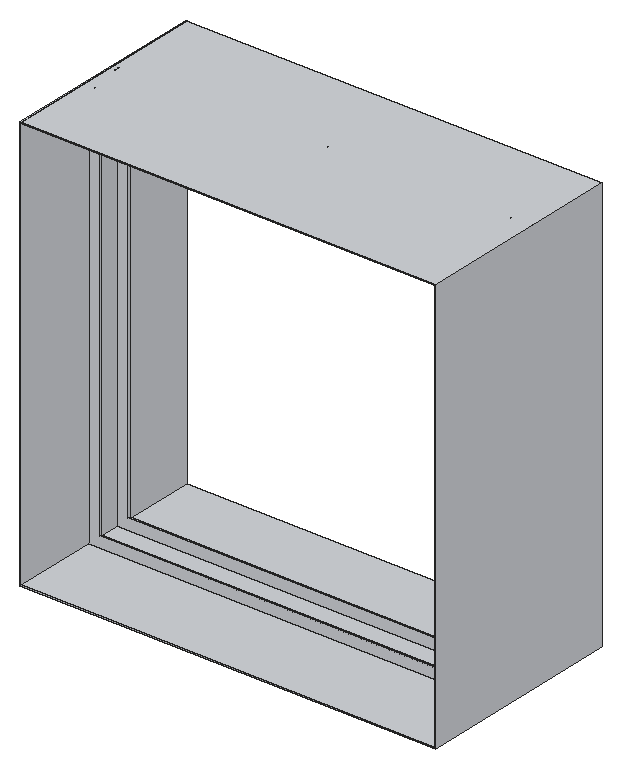
Revit family "FD-SALB", category Mechanical Equipment, Revit 2015
Parameters
  URL = "http://unitedenertech.com/catalog/pdf/A-1.pdf%20%20page%201.pdf"
  Type Comments = "Max Sizes are (1-1/2 Hour Vertical 96\"w x 96\"h) (1-1/2 Hour Horizontal 80\"w x 40\"h) (3 Hour Vertical 80\"w x 40\"h) (3 Hour Horizontal 80\"w x 40\"h)"
  Model = "FD-SALB"
  Manufacturer = "United Enertech Corporation"
  Keynote = "Vertical Mounting Shown, Horizontally Mounted Dampers will also have springs as seen in the FDD-SALB."
  Exact Width = 2' - 0"
  Exact Height = 2' - 0"
  EFL Height [instance] = Blade Pair Number * 0' 0 13/32" + 0' 0 41/64"  # 0' - 3 5/64"
  Description = "Curtain Fire Damper (For Static Systems)"
  Depth = 1' - 0"
  Blade Width [instance] = Exact Width - 0' 0 1/8"  # 1' - 11 7/8"
  Blade Pair Number [instance] = (Exact Height - 0' 0 9/128") / 0' 3 7/8"  # 6
Reference planes (in)
  plane 1 "Center (Front/Back)": y = 0
  plane 2: z = 0
  plane 3 "Center (Left/Right)": x = 0
  plane 4: x = -12
  plane 5: x = 12
  plane 6: z = 24
  plane 7: y = 12
  plane 8: y = 7.09375
  plane 9: y = 4.90625
  plane 10: z = 23.9641
  plane 11: z = 0.0359
  plane 12: x = 11.9641
  plane 13: x = -11.9641
  plane 14: z = 0.6609
  plane 15: z = 23.3391
  plane 16: x = -11.3391
  plane 17: x = 11.3391
  plane 18: y = 5.03125
  plane 19: y = 6.96875
  plane 20: x = -0.25
  plane 21: x = 0.25
  plane 22: z = 20.88598
  plane 23: z = 20.97799
Forms (in)
  Extrusion 1, solid
    sketch origin (0, 0, 0) x (1, 0, 0) y (0, 0, 1)
      loop
        line (-12, 24) -> (-12, 0) -> (12, 0) -> (12, 24) -> (-12, 24)
      loop
        line (-11.9641, 23.9641) -> (-11.9641, 0.0359) -> (11.9641, 0.0359) -> (11.9641, 23.9641) -> (-11.9641, 23.9641)
    from -12 to 0
  Extrusion 2, solid
    sketch origin (0, 0, 0) x (1, 0, 0) y (0, 0, 1)
      loop
        line (-11.9641, 23.9641) -> (-11.9641, 0.0359) -> (11.9641, 0.0359) -> (11.9641, 23.9641) -> (-11.9641, 23.9641)
      loop
        line (-11.3391, 23.3391) -> (-11.3391, 0.6609) -> (11.3391, 0.6609) -> (11.3391, 23.3391) -> (-11.3391, 23.3391)
    from -5.03125 to -4.90625
  Extrusion 3, solid
    sketch origin (0, 0, 0) x (1, 0, 0) y (0, 0, 1)
      loop
        line (-11.9641, 23.9641) -> (-11.9641, 0.0359) -> (11.9641, 0.0359) -> (11.9641, 23.9641) -> (-11.9641, 23.9641)
      loop
        line (-11.3391, 23.3391) -> (-11.3391, 0.6609) -> (11.3391, 0.6609) -> (11.3391, 23.3391) -> (-11.3391, 23.3391)
    from -7.09375 to -6.96875
  Extrusion 4, solid
    sketch origin (0, 0, 0) x (0, 1, 0) y (0, 0, 1)
      loop
        line (6.93285, 23.9641) -> (6.89695, 23.9641) -> (6.89695, 20.94848)
        arc (6.89695, 20.94848) -> (6.91526, 20.90428) -> (6.95945, 20.88598) r 0.0625
        line (6.95945, 20.88598) -> (7.28755, 20.88598)
        arc (7.28755, 20.88598) -> (7.33174, 20.90428) -> (7.35005, 20.94848) r 0.0625
        line (7.35005, 20.94848) -> (7.35005, 21.47178) -> (7.31415, 21.47178) -> (7.31415, 20.95313)
        arc (7.31415, 20.95313) -> (7.305, 20.93103) -> (7.2829, 20.92188) r 0.03125
        line (7.2829, 20.92188) -> (6.9641, 20.92188)
        arc (6.9641, 20.92188) -> (6.942, 20.93103) -> (6.93285, 20.95313) r 0.03125
        line (6.93285, 20.95313) -> (6.93285, 23.9641)
    from -0.25 to 0.25
  Extrusion 5, solid
    sketch origin (0, 12, 0) x (0, -1, 0) y (0, 0, -1)
      loop
        line (6.93285, -23.9641) -> (6.93285, -20.95313)
        arc (6.93285, -20.95313) -> (6.942, -20.93103) -> (6.9641, -20.92188) r 0.03125
        line (6.9641, -20.92188) -> (7.2829, -20.92188)
        arc (7.2829, -20.92188) -> (7.305, -20.93103) -> (7.31415, -20.95313) r 0.03125
        line (7.31415, -20.95313) -> (7.31415, -21.47178) -> (7.35005, -21.47178) -> (7.35005, -20.94848)
        arc (7.35005, -20.94848) -> (7.33174, -20.90428) -> (7.28755, -20.88598) r 0.0625
        line (7.28755, -20.88598) -> (6.95945, -20.88598)
        arc (6.95945, -20.88598) -> (6.91526, -20.90428) -> (6.89695, -20.94848) r 0.0625
        line (6.89695, -20.94848) -> (6.89695, -23.9641) -> (6.93285, -23.9641)
    from -0.25 to 0.25
Dimensions and locks (in)
  equal spacing: plane 4, plane 3 "Center (Left/Right)", plane 5
  "Exact Width": plane 4 to plane 5
  "Exact Height": plane 6 to level
  "Depth": plane 1 "Center (Front/Back)" to plane 7
  locked: plane 9 to plane 1 "Center (Front/Back)" at 4.90625
  locked: plane 7 to plane 8 at 4.90625
  locked: plane 6 to plane 10 at 0.0359
  locked: plane 11 to level at 0.0359
  locked: plane 5 to plane 12 at 0.0359
  locked: plane 4 to plane 13 at 0.0359
  locked: plane 14 to plane 11 at 0.625
  locked: plane 10 to plane 15 at 0.625
  locked: plane 16 to plane 13 at 0.625
  locked: plane 17 to plane 12 at 0.625
  locked: plane 18 to plane 9 at 0.125
  locked: plane 8 to plane 19 at 0.125
  locked: plane 20 to plane 3 "Center (Left/Right)" at 0.25
  locked: plane 21 to plane 3 "Center (Left/Right)" at 0.25
  "EFL Height": plane 10 to plane 22
  locked: plane 23 to plane 22 at 0.09202
  equal spacing: group 1, group 2, group 3, group 4, group 5, group 6  (x2)
  equal spacing: group 6, group 5, group 4, group 3, group 2, group 1
  locked: nested 2 to nested 3 at 0.39132
  aligned and locked: level to plane 2
  aligned and locked: Extrusion 1 sketch curve to plane 6
  aligned and locked: Extrusion 1 sketch curve to plane 4
  aligned and locked: level to Extrusion 1 sketch curve
  aligned and locked: Extrusion 1 sketch curve to plane 5
  aligned and locked: plane 11 to Extrusion 1 sketch curve
  aligned and locked: Extrusion 1 sketch curve to plane 12
  aligned and locked: Extrusion 1 sketch curve to plane 13
  aligned and locked: Extrusion 1 sketch curve to plane 10
  aligned and locked: plane 7 to Extrusion 1
  aligned and locked: plane 1 "Center (Front/Back)" to Extrusion 1
  aligned and locked: Extrusion 2 sketch curve to plane 10
  aligned and locked: Extrusion 2 sketch curve to plane 12
  aligned and locked: Extrusion 2 sketch curve to plane 13
  aligned and locked: plane 11 to Extrusion 2 sketch curve
  aligned and locked: plane 14 to Extrusion 2 sketch curve
  aligned and locked: plane 17 to Extrusion 2 sketch curve
  aligned and locked: plane 16 to Extrusion 2 sketch curve
  aligned and locked: Extrusion 2 sketch curve to plane 15
  aligned and locked: plane 18 to Extrusion 2
  aligned and locked: Extrusion 2 to plane 9
  aligned and locked: plane 8 to Extrusion 3
  aligned and locked: Extrusion 3 to plane 19
  aligned and locked: Extrusion 4 sketch curve to plane 10
  aligned and locked: plane 22 to Extrusion 4 sketch curve
  aligned and locked: plane 20 to Extrusion 5
  aligned and locked: plane 20 to Extrusion 4
  aligned and locked: plane 21 to Extrusion 4
  aligned and locked: plane 21 to Extrusion 5
  aligned and locked: nested 1 to plane 23
  aligned and locked: plane 3 "Center (Left/Right)" to nested 2
  aligned and locked: plane 10 to nested 2
Automatic sketch dimensions
  Extrusion 3 sketch curve to plane 11 = 0' - 0"
  plane 13 to Extrusion 3 sketch curve = 0' - 0"
  Extrusion 3 sketch curve to plane 15 = 0' - 0"
  Extrusion 3 sketch curve to plane 16 = 0' - 0"
  plane 17 to Extrusion 3 sketch curve = 0' - 0"
  Extrusion 3 sketch curve to plane 10 = 0' - 0"
  Extrusion 3 sketch curve to plane 12 = 0' - 0"
  Extrusion 3 sketch curve to plane 14 = 0' - 0"
  Extrusion 4 sketch curve to plane 19 = 0' - 0.0718"
  Extrusion 4 sketch curve to plane 19 = 0' - 0.0359"
  Extrusion 4 sketch curve to plane 19 = 0' - 0.0093"
  Extrusion 4 sketch curve to plane 19 = 0' - 0.00465"
  plane 22 to Extrusion 4 sketch curve = 0' - 0.0359"
  plane 8 to Extrusion 4 sketch curve = 0' - 0.18915"
  Extrusion 4 sketch curve to Extrusion 4 sketch curve = 0' - 0.00465"
  plane 8 to Extrusion 4 sketch curve = 0' - 0.2204"
  Extrusion 4 sketch curve to Extrusion 4 sketch curve = 0' - 0.0359"
  Extrusion 4 sketch curve to Extrusion 4 sketch curve = 0' - 0.51865"
  Extrusion 5 sketch curve to plane 10 = 0' - 0"
  Extrusion 5 sketch curve to plane 22 = 0' - 0"
  Extrusion 5 sketch curve to plane 18 = 0' - 0.0718"
  Extrusion 5 sketch curve to plane 18 = 0' - 0.0359"
  Extrusion 5 sketch curve to plane 18 = 0' - 0.0093"
  Extrusion 5 sketch curve to plane 18 = 0' - 0.00465"
  Extrusion 5 sketch curve to plane 22 = 0' - 0.0359"
  plane 9 to Extrusion 5 sketch curve = 0' - 0.18915"
  Extrusion 5 sketch curve to Extrusion 5 sketch curve = 0' - 0.00465"
  plane 9 to Extrusion 5 sketch curve = 0' - 0.2204"
  Extrusion 5 sketch curve to Extrusion 5 sketch curve = 0' - 0.0359"
  Extrusion 5 sketch curve to Extrusion 5 sketch curve = 0' - 0.51865"
Nested families (in)
  nested 1: "EFL" at (4.62017, 9.54074, 20.97799), type "EFL"
  nested 2: "FD-SALB BLADESEDITED" at (0, 7.17008, 23.12138), type "FD-SALB BLADESEDITED"
    with Blade Width 1' - 11 7/8"
  nested 3: "FD-SALB BLADESEDITED" at (0, 7.17008, 22.73005), type "FD-SALB BLADESEDITED"
    with Blade Width 1' - 11 7/8"
  nested 4: "FD-SALB BLADESEDITED" at (0, 7.17008, 22.33873), type "FD-SALB BLADESEDITED"
    with Blade Width 1' - 11 7/8"
  nested 5: "FD-SALB BLADESEDITED" at (0, 7.17008, 21.94741), type "FD-SALB BLADESEDITED"
    with Blade Width 1' - 11 7/8"
  nested 6: "FD-SALB BLADESEDITED" at (0, 7.17008, 21.55609), type "FD-SALB BLADESEDITED"
    with Blade Width 1' - 11 7/8"
  nested 7: "FD-SALB BLADESEDITED" at (0, 7.17008, 21.16477), type "FD-SALB BLADESEDITED"
    with Blade Width 1' - 11 7/8"
Definition of nested family "EFL"
  Reference planes (in)
    plane 1 "Center (Front/Back)": y = 0
    plane 2: z = 0
    plane 3 "Center (Left/Right)": x = 0
  Forms (in)
    Extrusion 1, solid
      sketch origin (0, 0, 0) x (1, 0, 0) y (0, 1, 0)
        loop
          arc (-4.87017, -4.05324) -> (-4.81525, -4.18582) -> (-4.68267, -4.24074) r 0.1875
          line (-4.68267, -4.24074) -> (-4.55767, -4.24074)
          arc (-4.55767, -4.24074) -> (-4.42508, -4.18582) -> (-4.37017, -4.05324) r 0.1875
          line (-4.37017, -4.05324) -> (-4.37017, -3.41574) -> (-4.87017, -3.41574) -> (-4.87017, -4.05324)
        loop
          circle (-4.62017, -4.05324) r 0.0625
      from 0.1 to 0.05
    Extrusion 2, solid
      sketch origin (-9.24033, -7.08147, 0) x (-1, 0, 0) y (0, -1, 0)
        loop
          arc (-4.87017, -4.05324) -> (-4.81525, -4.18582) -> (-4.68267, -4.24074) r 0.1875
          line (-4.68267, -4.24074) -> (-4.55767, -4.24074)
          arc (-4.55767, -4.24074) -> (-4.42508, -4.18582) -> (-4.37017, -4.05324) r 0.1875
          line (-4.37017, -4.05324) -> (-4.37017, -3.41574) -> (-4.87017, -3.41574) -> (-4.87017, -4.05324)
        loop
          circle (-4.62017, -4.05324) r 0.0625
      from 0 to 0.05
    Sweep 3, solid
      path in 3D
        loop
          line (-4.62017, -4.16421, 0) -> (-4.62017, -4.22608, 0)
          arc (-4.62017, -4.22608, 0) -> (-4.65678, -4.31447, 0) -> (-4.74517, -4.35108, 0) r 0.125
          line (-4.74517, -4.35108, 0) -> (-4.92568, -4.35108, 0)
          arc (-4.92568, -4.35108, 0) -> (-5.02859, -4.454, 0) -> (-4.92568, -4.55691, 0) r 0.10291
          line (-4.92568, -4.55691, 0) -> (-4.62017, -4.55691, 0) -> (-4.31465, -4.55691, 0)
          arc (-4.31465, -4.55691, 0) -> (-4.21174, -4.454, 0) -> (-4.31465, -4.35108, 0) r 0.10291
          line (-4.31465, -4.35108, 0) -> (-4.58427, -4.35108, 0)
      profile origin (-4.62017, -4.19515, 0) x (1, 0, 0) y (0, 0, 1)
        loop
          circle (0, 0) r 0.03202
    Sweep 4, solid
      path in 3D
        loop
          line (-4.62017, -4.283, 0.1526) -> (-4.62017, -4.12297, 0.1526)
          arc (-4.62017, -4.12297, 0.1526) -> (-4.62017, -4.04635, 0.07598) -> (-4.62017, -4.12297, -0.00063) r 0.07662
          line (-4.62017, -4.12297, -0.00063) -> (-4.62017, -4.16421, -0.00063)
      profile origin (-4.62017, -4.14359, -0.00063) x (0, 0, -1) y (1, 0, 0)
        loop
          circle (0, 0) r 0.03138
    Sweep 5, solid
      path in 3D
        loop
          line (-4.62017, -2.91726, 0) -> (-4.62017, -2.85539, 0)
          arc (-4.62017, -2.85539, 0) -> (-4.65678, -2.767, 0) -> (-4.74517, -2.73039, 0) r 0.125
          line (-4.74517, -2.73039, 0) -> (-4.92568, -2.73039, 0)
          arc (-4.92568, -2.73039, 0) -> (-5.02859, -2.62747, 0) -> (-4.92568, -2.52456, 0) r 0.10291
          line (-4.92568, -2.52456, 0) -> (-4.62017, -2.52456, 0) -> (-4.31465, -2.52456, 0)
          arc (-4.31465, -2.52456, 0) -> (-4.21174, -2.62747, 0) -> (-4.31465, -2.73039, 0) r 0.10291
          line (-4.31465, -2.73039, 0) -> (-4.58427, -2.73039, 0)
      profile origin (-4.62017, -2.88633, 0) x (-1, 0, 0) y (0, 0, 1)
        loop
          circle (0, 0) r 0.03202
    Sweep 6, solid
      path in 3D
        loop
          line (-4.62017, -2.79848, 0.1526) -> (-4.62017, -2.95851, 0.1526)
          arc (-4.62017, -2.95851, 0.1526) -> (-4.62017, -3.03512, 0.07598) -> (-4.62017, -2.95851, -0.00063) r 0.07662
          line (-4.62017, -2.95851, -0.00063) -> (-4.62017, -2.91726, -0.00063)
      profile origin (-4.62017, -2.93788, -0.00063) x (0, 0, 1) y (1, 0, 0)
        loop
          circle (0, 0) r 0.03138
  Lines and regions (in)
    sketch lines
      curve 1: line (-4.62017, -4.16421, 0) -> (-4.62017, -4.22608, 0)
      curve 2: arc (-4.74517, -4.35108, 0) -> (-4.65678, -4.31447, 0) -> (-4.62017, -4.22608, 0) r 0.125
      curve 3: line (-4.74517, -4.35108, 0) -> (-4.92568, -4.35108, 0)
      curve 4: arc (-4.92568, -4.35108, 0) -> (-5.02859, -4.454, 0) -> (-4.92568, -4.55691, 0) r 0.10291
      curve 5: line (-4.62017, -4.55691, 0) -> (-4.92568, -4.55691, 0)
      curve 6: line (-4.62017, -4.55691, 0) -> (-4.31465, -4.55691, 0)
      curve 7: arc (-4.31465, -4.55691, 0) -> (-4.21174, -4.454, 0) -> (-4.31465, -4.35108, 0) r 0.10291
      curve 8: line (-4.58427, -4.35108, 0) -> (-4.31465, -4.35108, 0)
      curve 9: line (-4.62017, -4.12297, -0.00063) -> (-4.62017, -4.16421, -0.00063)
      curve 10: arc (-4.62017, -4.12297, -0.00063) -> (-4.62017, -4.04635, 0.07598) -> (-4.62017, -4.12297, 0.1526) r 0.07662
      curve 11: line (-4.62017, -4.12297, 0.1526) -> (-4.62017, -4.283, 0.1526)
      curve 12: line (-4.62017, -2.91726, 0) -> (-4.62017, -2.85539, 0)
      curve 13: arc (-4.74517, -2.73039, 0) -> (-4.65678, -2.767, 0) -> (-4.62017, -2.85539, 0) r 0.125
      curve 14: line (-4.74517, -2.73039, 0) -> (-4.92568, -2.73039, 0)
      curve 15: arc (-4.92568, -2.73039, 0) -> (-5.02859, -2.62747, 0) -> (-4.92568, -2.52456, 0) r 0.10291
      curve 16: line (-4.62017, -2.52456, 0) -> (-4.92568, -2.52456, 0)
      curve 17: line (-4.62017, -2.52456, 0) -> (-4.31465, -2.52456, 0)
      curve 18: arc (-4.31465, -2.52456, 0) -> (-4.21174, -2.62747, 0) -> (-4.31465, -2.73039, 0) r 0.10291
      curve 19: line (-4.58427, -2.73039, 0) -> (-4.31465, -2.73039, 0)
      curve 20: line (-4.62017, -2.95851, -0.00063) -> (-4.62017, -2.91726, -0.00063)
      curve 21: arc (-4.62017, -2.95851, -0.00063) -> (-4.62017, -3.03512, 0.07598) -> (-4.62017, -2.95851, 0.1526) r 0.07662
      curve 22: line (-4.62017, -2.95851, 0.1526) -> (-4.62017, -2.79848, 0.1526)
  Dimensions and locks (in)
    aligned and locked: level to plane 2
Definition of nested family "FD-SALB BLADESEDITED"
  Parameters (values of type "FD-SALB BLADESEDITED")
    Blade Width = 2' - 4"
  Reference planes (in)
    plane 1 "Center (Front/Back)": y = 0
    plane 2: z = 0
    plane 3 "Center (Left/Right)": x = 0
    plane 4: x = -14
    plane 5: x = 14
  Forms (in)
    Extrusion 1, solid
      sketch origin (0, 0, 0) x (0, 1, 0) y (0, 0, 1)
        loop
          line (-0.31672, 0.53073) -> (-0.3446, 0.62657)
          arc (-0.3446, 0.62657) -> (-0.33726, 0.6415) -> (-0.32269, 0.63348) r 0.0115
          line (-0.32269, 0.63348) -> (-0.30545, 0.53536)
          arc (-0.30545, 0.53536) -> (-0.31611, 0.49773) -> (-0.35217, 0.48264) r 0.045
          line (-0.35217, 0.48264) -> (-0.39872, 0.48554)
          arc (-0.39872, 0.48554) -> (-0.42675, 0.49692) -> (-0.44125, 0.52348) r 0.045
          line (-0.44125, 0.52348) -> (-0.47071, 0.66865)
          arc (-0.47071, 0.66865) -> (-0.48965, 0.70349) -> (-0.5262, 0.7189) r 0.06
          line (-0.5262, 0.7189) -> (-1.55698, 0.78305) -> (-1.76244, 0.79584)
          arc (-1.76244, 0.79584) -> (-1.79846, 0.78683) -> (-1.82228, 0.75836) r 0.06
          line (-1.82228, 0.75836) -> (-1.88016, 0.61423)
          arc (-1.88016, 0.61423) -> (-1.90974, 0.57877) -> (-1.95445, 0.56733) r 0.075
          arc (-1.95445, 0.56733) -> (-2.03902, 0.60869) -> (-2.06957, 0.69773) r 0.123
          line (-2.06957, 0.69773) -> (-2.06418, 0.78456)
          arc (-2.06418, 0.78456) -> (-2.05371, 0.80551) -> (-2.03138, 0.81256) r 0.03
          line (-2.03138, 0.81256) -> (-1.90763, 0.80489) -> (-1.90763, 0.8362) -> (-2.01284, 0.84272) -> (-2.04641, 0.84272)
          arc (-2.04641, 0.84272) -> (-2.08042, 0.82292) -> (-2.09536, 0.7865) r 0.06125
          line (-2.09536, 0.7865) -> (-2.10077, 0.69966)
          arc (-2.10077, 0.69966) -> (-2.06244, 0.58801) -> (-1.95639, 0.53614) r 0.15425
          arc (-1.95639, 0.53614) -> (-1.89306, 0.55235) -> (-1.8512, 0.60257) r 0.10625
          line (-1.8512, 0.60257) -> (-1.7933, 0.74674)
          arc (-1.7933, 0.74674) -> (-1.78183, 0.76038) -> (-1.76452, 0.76466) r 0.02875
          line (-1.76452, 0.76466) -> (-1.55892, 0.75186) -> (-0.52813, 0.68773)
          arc (-0.52813, 0.68773) -> (-0.51045, 0.68016) -> (-0.50148, 0.66314) r 0.02875
          line (-0.50148, 0.66314) -> (-0.47199, 0.51784)
          arc (-0.47199, 0.51784) -> (-0.4474, 0.47346) -> (-0.4004, 0.45434) r 0.07625
          line (-0.4004, 0.45434) -> (-0.35398, 0.45144)
          arc (-0.35398, 0.45144) -> (-0.29278, 0.47694) -> (-0.27468, 0.54073) r 0.07625
          line (-0.27468, 0.54073) -> (-0.29191, 0.63889)
          arc (-0.29191, 0.63889) -> (-0.33988, 0.67434) -> (-0.37768, 0.6282) r 0.04327
          line (-0.37768, 0.6282) -> (-0.34677, 0.52199) -> (-0.31672, 0.53073)
      from -14 to 14
    Extrusion 2, solid
      sketch origin (0, 0, 0) x (0, 1, 0) y (0, 0, 1)
        loop
          arc (-0.31635, 0.67497) -> (-0.29361, 0.66856) -> (-0.28256, 0.64768) r 0.03
          line (-0.28256, 0.64768) -> (-0.2714, 0.56286)
          arc (-0.2714, 0.56286) -> (-0.29582, 0.47194) -> (-0.37737, 0.42491) r 0.123
          arc (-0.37737, 0.42491) -> (-0.42275, 0.43328) -> (-0.45469, 0.46664) r 0.075
          line (-0.45469, 0.46664) -> (-0.52225, 0.60648)
          arc (-0.52225, 0.60648) -> (-0.54755, 0.63305) -> (-0.58358, 0.63992) r 0.06
          line (-0.58358, 0.63992) -> (-0.78858, 0.61304) -> (-1.81262, 0.47877)
          arc (-1.81262, 0.47877) -> (-1.84723, 0.46173) -> (-1.86432, 0.42714) r 0.06
          line (-1.86432, 0.42714) -> (-1.88437, 0.27537)
          arc (-1.88437, 0.27537) -> (-1.89734, 0.2499) -> (-1.92301, 0.23735) r 0.045
          line (-1.92301, 0.23735) -> (-1.96868, 0.2314)
          arc (-1.96868, 0.2314) -> (-2.00696, 0.24361) -> (-2.02023, 0.28153) r 0.045
          line (-2.02023, 0.28153) -> (-2.00995, 0.379)
          arc (-2.00995, 0.379) -> (-1.99657, 0.38882) -> (-1.98728, 0.37505) r 0.0115
          line (-1.98728, 0.37505) -> (-2.00879, 0.27676) -> (-1.97772, 0.26996) -> (-1.95543, 0.37179)
          arc (-1.95543, 0.37179) -> (-1.99381, 0.41919) -> (-2.04121, 0.38081) r 0.04313
          line (-2.04121, 0.38081) -> (-2.05127, 0.28509)
          arc (-2.05127, 0.28509) -> (-2.02877, 0.22122) -> (-1.96431, 0.20045) r 0.07625
          line (-1.96431, 0.20045) -> (-1.91897, 0.20638)
          arc (-1.91897, 0.20638) -> (-1.87533, 0.22771) -> (-1.85342, 0.27106) r 0.07625
          line (-1.85342, 0.27106) -> (-1.83333, 0.42305)
          arc (-1.83333, 0.42305) -> (-1.82514, 0.43962) -> (-1.80853, 0.44779) r 0.02875
          line (-1.80853, 0.44779) -> (-0.78452, 0.58205) -> (-0.57967, 0.60892)
          arc (-0.57967, 0.60892) -> (-0.56246, 0.60559) -> (-0.55039, 0.5929) r 0.02875
          line (-0.55039, 0.5929) -> (-0.48278, 0.45303)
          arc (-0.48278, 0.45303) -> (-0.4376, 0.40578) -> (-0.37331, 0.39393) r 0.10625
          arc (-0.37331, 0.39393) -> (-0.27103, 0.4529) -> (-0.24041, 0.56695) r 0.15425
          line (-0.24041, 0.56695) -> (-0.2515, 0.65113)
          arc (-0.2515, 0.65113) -> (-0.27433, 0.69316) -> (-0.32041, 0.70596) r 0.06125
          line (-0.32041, 0.70596) -> (-0.44437, 0.68971) -> (-0.44031, 0.65872) -> (-0.31635, 0.67497)
      from -14 to 14
  Dimensions and locks (in)
    equal spacing: plane 4, plane 3 "Center (Left/Right)", plane 5
    "Blade Width": plane 4 to plane 5
    aligned and locked: level to plane 2
    aligned and locked: plane 4 to Extrusion 1
    aligned and locked: plane 4 to Extrusion 2
    aligned and locked: plane 5 to Extrusion 1
    aligned and locked: plane 5 to Extrusion 2
  Automatic sketch dimensions
    Extrusion 2 sketch curve to Extrusion 2 sketch curve = 0' - 0"  (x35)
    level to Extrusion 2 sketch curve = 0' - 0.28509"
    plane 1 "Center (Front/Back)" to Extrusion 2 sketch curve = 0' - 2.05127"
    level to Extrusion 2 sketch curve = 0' - 0.38081"
    Extrusion 2 sketch curve to Extrusion 2 sketch curve = 0' - 0.01006"
    level to Extrusion 2 sketch curve = 0' - 0.28153"
    Extrusion 2 sketch curve to Extrusion 2 sketch curve = 0' - 0.03105"
    level to Extrusion 2 sketch curve = 0' - 0.27676"
    Extrusion 2 sketch curve to Extrusion 2 sketch curve = 0' - 0.01143"  (x2)
    Extrusion 2 sketch curve to Extrusion 2 sketch curve = 0' - 0.04266"
    Extrusion 2 sketch curve to Extrusion 2 sketch curve = 0' - 0.00023"
    level to Extrusion 2 sketch curve = 0' - 0.26996"
    Extrusion 2 sketch curve to Extrusion 2 sketch curve = 0' - 0.03107"
    Extrusion 2 sketch curve to Extrusion 2 sketch curve = 0' - 0.00213"
    level to Extrusion 2 sketch curve = 0' - 0.2314"
    Extrusion 2 sketch curve to Extrusion 2 sketch curve = 0' - 0.00904"
    level to Extrusion 2 sketch curve = 0' - 0.20045"
    level to Extrusion 2 sketch curve = 0' - 0.37179"
    Extrusion 2 sketch curve to Extrusion 2 sketch curve = 0' - 0.0467"
    level to Extrusion 2 sketch curve = 0' - 0.27537"
    Extrusion 2 sketch curve to Extrusion 2 sketch curve = 0' - 0.04451"
    level to Extrusion 2 sketch curve = 0' - 0.27106"
    Extrusion 2 sketch curve to Extrusion 2 sketch curve = 0' - 0.03095"
    Extrusion 2 sketch curve to Extrusion 2 sketch curve = 0' - 0.0486"
    plane 1 "Center (Front/Back)" to Extrusion 2 sketch curve = 0' - 0.78452"
    Extrusion 2 sketch curve to Extrusion 2 sketch curve = 0' - 0.20094"
    Extrusion 2 sketch curve to Extrusion 2 sketch curve = 0' - 0 1/256"  (x2)
    Extrusion 2 sketch curve to Extrusion 2 sketch curve = 0' - 0.0034"
    Extrusion 2 sketch curve to Extrusion 2 sketch curve = 0' - 0.13921"
    Extrusion 2 sketch curve to Extrusion 2 sketch curve = 0' - 0.00406"  (x3)
    Extrusion 2 sketch curve to Extrusion 2 sketch curve = 0' - 0.04695"
    Extrusion 2 sketch curve to Extrusion 2 sketch curve = 0' - 0.00624"
    Extrusion 2 sketch curve to Extrusion 2 sketch curve = 0' - 0.0809"
    Extrusion 2 sketch curve to Extrusion 2 sketch curve = 0' - 0.0299"
    Extrusion 2 sketch curve to Extrusion 2 sketch curve = 0' - 0.03106"
    Extrusion 2 sketch curve to Extrusion 2 sketch curve = 0' - 0.00661"
    Extrusion 2 sketch curve to Extrusion 2 sketch curve = 0' - 0.00119"
    Extrusion 2 sketch curve to Extrusion 2 sketch curve = 0' - 0.14822"
    level to Extrusion 2 sketch curve = 0' - 0.49927"
    Extrusion 2 sketch curve to Extrusion 2 sketch curve = 0' - 0.04759"
    Extrusion 2 sketch curve to Extrusion 2 sketch curve = 0' - 0.0335"
    Extrusion 2 sketch curve to Extrusion 2 sketch curve = 0' - 0.00168"
    Extrusion 2 sketch curve to Extrusion 2 sketch curve = 0' - 0.02855"
    Extrusion 2 sketch curve to Extrusion 2 sketch curve = 0' - 0.031"
    Extrusion 2 sketch curve to Extrusion 2 sketch curve = 0' - 0.09835"
    Extrusion 2 sketch curve to Extrusion 2 sketch curve = 0' - 0.00246"
    Extrusion 2 sketch curve to Extrusion 2 sketch curve = 0' - 0.00345"
    Extrusion 2 sketch curve to Extrusion 2 sketch curve = 0' - 0.11186"
    Extrusion 2 sketch curve to Extrusion 2 sketch curve = 0' - 0.03098"  (x3)
    level to Extrusion 2 sketch curve = 0' - 0.37898"
    Extrusion 2 sketch curve to Extrusion 2 sketch curve = 0' - 0.00003"  (x4)
    Extrusion 2 sketch curve to Extrusion 2 sketch curve = 0' - 0.01101"
    level to Extrusion 2 sketch curve = 0' - 0.37505"
    Extrusion 2 sketch curve to Extrusion 2 sketch curve = 0' - 0.00585"
    level to Extrusion 2 sketch curve = 0' - 0.23735"
    Extrusion 2 sketch curve to Extrusion 2 sketch curve = 0' - 0.00404"
    level to Extrusion 2 sketch curve = 0' - 0.20636"
    level to Extrusion 2 sketch curve = 0' - 0.42714"
    Extrusion 2 sketch curve to Extrusion 2 sketch curve = 0' - 0.0595"
    level to Extrusion 2 sketch curve = 0' - 0.42305"
    Extrusion 2 sketch curve to Extrusion 2 sketch curve = 0' - 0.02852"
    Extrusion 2 sketch curve to Extrusion 2 sketch curve = 0' - 0.0207"
    level to Extrusion 2 sketch curve = 0' - 0.47878"
    Extrusion 2 sketch curve to Extrusion 2 sketch curve = 0' - 0.00374"
    level to Extrusion 2 sketch curve = 0' - 0.44779"
    Extrusion 2 sketch curve to Extrusion 2 sketch curve = 0' - 0.02588"
    Extrusion 2 sketch curve to Extrusion 2 sketch curve = 0' - 0.02814"
    Extrusion 2 sketch curve to Extrusion 2 sketch curve = 0' - 0.0957"
    Extrusion 2 sketch curve to Extrusion 2 sketch curve = 0' - 0.00004"  (x2)
    Extrusion 2 sketch curve to Extrusion 2 sketch curve = 0' - 0.02809"
    Extrusion 2 sketch curve to Extrusion 2 sketch curve = 0' - 0.00975"
    Extrusion 2 sketch curve to Extrusion 2 sketch curve = 0' - 0.00796"
    Extrusion 2 sketch curve to Extrusion 2 sketch curve = 0' - 0.01116"
    Extrusion 2 sketch curve to Extrusion 2 sketch curve = 0' - 0.00002"
    Extrusion 1 sketch curve to Extrusion 1 sketch curve = 0' - 0"  (x30)
    level to Extrusion 1 sketch curve = 0' - 0.7827"
    plane 1 "Center (Front/Back)" to Extrusion 1 sketch curve = 0' - 2.03423"
    Extrusion 1 sketch curve to Extrusion 1 sketch curve = 0' - 0.00284"
    Extrusion 1 sketch curve to Extrusion 1 sketch curve = 0' - 0.01854"
    Extrusion 1 sketch curve to Extrusion 1 sketch curve = 0' - 0.08443"
    Extrusion 1 sketch curve to Extrusion 1 sketch curve = 0' - 0.00298"
    Extrusion 1 sketch curve to Extrusion 1 sketch curve = 0' - 0.03918"
    Extrusion 1 sketch curve to Extrusion 1 sketch curve = 0' - 0.14102"
    level to Extrusion 1 sketch curve = 0' - 0.76466"
    Extrusion 1 sketch curve to Extrusion 1 sketch curve = 0' - 0.00209"
    level to Extrusion 1 sketch curve = 0' - 0.79584"
    Extrusion 1 sketch curve to Extrusion 1 sketch curve = 0' - 0.00208"  (x2)
    level to Extrusion 1 sketch curve = 0' - 0.75186"
    Extrusion 1 sketch curve to Extrusion 1 sketch curve = 0' - 0.2056"
    Extrusion 1 sketch curve to Extrusion 1 sketch curve = 0' - 0.00194"  (x2)
    plane 1 "Center (Front/Back)" to Extrusion 1 sketch curve = 0' - 0.52993"
    Extrusion 1 sketch curve to Extrusion 1 sketch curve = 0' - 0.02845"
    Extrusion 1 sketch curve to Extrusion 1 sketch curve = 0' - 0.02949"
    Extrusion 1 sketch curve to Extrusion 1 sketch curve = 0' - 0.03077"  (x2)
    Extrusion 1 sketch curve to Extrusion 1 sketch curve = 0' - 0.03074"
    Extrusion 1 sketch curve to Extrusion 1 sketch curve = 0' - 0.04085"
    Extrusion 1 sketch curve to Extrusion 1 sketch curve = 0' - 0.00168"
    Extrusion 1 sketch curve to Extrusion 1 sketch curve = 0' - 0.04445"
    Extrusion 1 sketch curve to Extrusion 1 sketch curve = 0' - 0.01912"
    Extrusion 1 sketch curve to Extrusion 1 sketch curve = 0' - 0.04641"
    Extrusion 1 sketch curve to Extrusion 1 sketch curve = 0' - 0.00182"
    Extrusion 1 sketch curve to Extrusion 1 sketch curve = 0' - 0.00238"
    Extrusion 1 sketch curve to Extrusion 1 sketch curve = 0' - 0.00302"
    Extrusion 1 sketch curve to Extrusion 1 sketch curve = 0' - 0.03307"
    Extrusion 1 sketch curve to Extrusion 1 sketch curve = 0' - 0.01008"
    Extrusion 1 sketch curve to Extrusion 1 sketch curve = 0' - 0.00072"
    Extrusion 1 sketch curve to Extrusion 1 sketch curve = 0' - 0.01112"
    Extrusion 1 sketch curve to Extrusion 1 sketch curve = 0' - 0.03006"
    Extrusion 1 sketch curve to Extrusion 1 sketch curve = 0' - 0.03078"
    Extrusion 1 sketch curve to Extrusion 1 sketch curve = 0' - 0.02867"
    Extrusion 1 sketch curve to Extrusion 1 sketch curve = 0' - 0.09261"
    level to Extrusion 1 sketch curve = 0' - 0.66865"
    Extrusion 1 sketch curve to Extrusion 1 sketch curve = 0' - 0.00551"
    Extrusion 1 sketch curve to Extrusion 1 sketch curve = 0' - 0.00412"
    Extrusion 1 sketch curve to Extrusion 1 sketch curve = 0' - 0.04791"
    Extrusion 1 sketch curve to Extrusion 1 sketch curve = 0' - 0.02976"
    Extrusion 1 sketch curve to Extrusion 1 sketch curve = 0' - 0.00541"
    Extrusion 1 sketch curve to Extrusion 1 sketch curve = 0' - 0.00087"
    Extrusion 1 sketch curve to Extrusion 1 sketch curve = 0' - 0.00852"
    Extrusion 1 sketch curve to Extrusion 1 sketch curve = 0' - 0.00559"
    Extrusion 1 sketch curve to Extrusion 1 sketch curve = 0' - 0.00702"
    Extrusion 1 sketch curve to Extrusion 1 sketch curve = 0' - 0.00564"
    Extrusion 1 sketch curve to Extrusion 1 sketch curve = 0' - 0.03935"
    Extrusion 1 sketch curve to Extrusion 1 sketch curve = 0' - 0.0312"
    Extrusion 1 sketch curve to Extrusion 1 sketch curve = 0' - 0.03119"
    Extrusion 1 sketch curve to Extrusion 1 sketch curve = 0' - 0.1148"
    Extrusion 1 sketch curve to Extrusion 1 sketch curve = 0' - 0.03131"
    Extrusion 1 sketch curve to Extrusion 1 sketch curve = 0' - 0.02994"
    level to Extrusion 1 sketch curve = 0' - 0.78456"
    Extrusion 1 sketch curve to Extrusion 1 sketch curve = 0' - 0.00539"
    level to Extrusion 1 sketch curve = 0' - 0.69772"
    Extrusion 1 sketch curve to Extrusion 1 sketch curve = 0' - 0.03117"
    Extrusion 1 sketch curve to Extrusion 1 sketch curve = 0' - 0.03118"
    level to Extrusion 1 sketch curve = 0' - 0.69966"
    Extrusion 1 sketch curve to Extrusion 1 sketch curve = 0' - 0.03357"
    Extrusion 1 sketch curve to Extrusion 1 sketch curve = 0' - 0.0066"
    Extrusion 1 sketch curve to Extrusion 1 sketch curve = 0' - 0.06959"
    level to Extrusion 1 sketch curve = 0' - 0.61423"
    Extrusion 1 sketch curve to Extrusion 1 sketch curve = 0' - 0.00004"  (x2)
    Extrusion 1 sketch curve to Extrusion 1 sketch curve = 0' - 0.02896"
    level to Extrusion 1 sketch curve = 0' - 0.60259"
    level to Extrusion 1 sketch curve = 0' - 0.75838"
    Extrusion 1 sketch curve to Extrusion 1 sketch curve = 0' - 0.05778"
    level to Extrusion 1 sketch curve = 0' - 0.74674"
    Extrusion 1 sketch curve to Extrusion 1 sketch curve = 0' - 0.02669"
    Extrusion 1 sketch curve to Extrusion 1 sketch curve = 0' - 0.00179"
    Extrusion 1 sketch curve to Extrusion 1 sketch curve = 0' - 0.00193"
    Extrusion 1 sketch curve to Extrusion 1 sketch curve = 0' - 0.01125"
    Extrusion 1 sketch curve to Extrusion 1 sketch curve = 0' - 0.00003"
    Extrusion 1 sketch curve to Extrusion 1 sketch curve = 0' - 0.05622"
    Extrusion 1 sketch curve to Extrusion 1 sketch curve = 0' - 0.03016"
